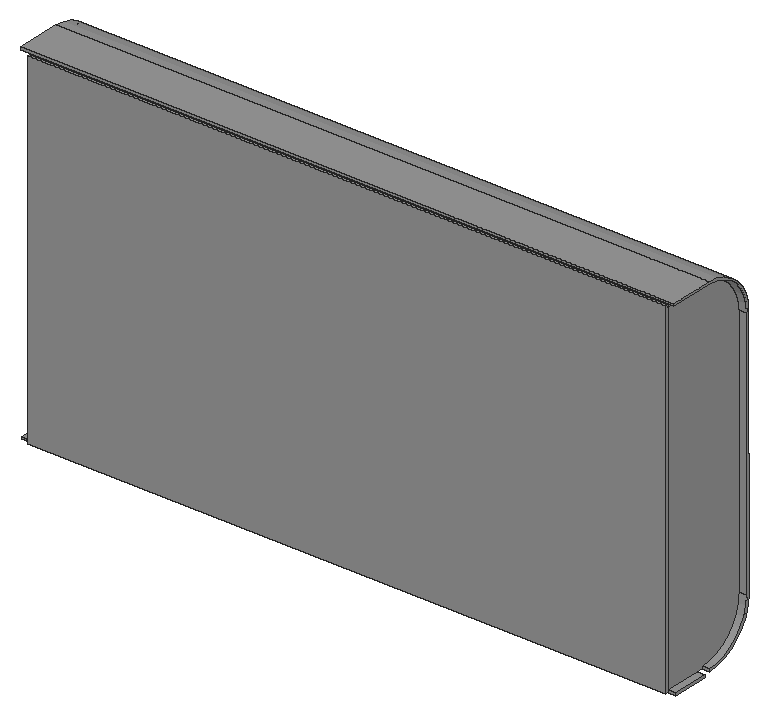
Revit family "3255 Björk_Baby change unit paper dispenser", category Furniture Systems, host Wall, Revit 2017
Family settings
  Host = Wall
  Round Connector Dimension = Use Diameter
  Part Type = Normal
  Always vertical = Yes
  Cut with Voids When Loaded = No
  Shared = No
  Room Calculation Point = No
Parameters (values of type "WHITE")
  Surface Front = BLACK
  Surface Back = BLACK
Reference planes
  plane 1 "Wall": y = 0
  plane 2 "Center (Left/Right)": x = 125
  plane 3 "Back": y = 75
Text (mm)
  text "Placement Side" at (-1848.837, 1116.779, 0), in view "Ref. Level"
  text "Placement side" at (0, 1409.804, 2854.306), in view "Left"
  text "Placement side" at (0, 499.811, 2980.732), in view "Right"
Dimensions and locks
  locked: plane 3 "Back" to host wall
  aligned and locked: plane 1 "Wall" to host wall
  aligned and locked: nested 1 to plane 3 "Back"
Nested families
  nested 1: "Master 3250 Baby change unit paper dispenser" at (125, 75, 1200) x (-1, 0, 0) z (0, 0, 1), type "Master 3250 Baby change unit paper dispenser"
Definition of nested family "Master 3250 Baby change unit paper dispenser"
  Parameters (values of type "Master 3250 Baby change unit paper dispenser")
    Surface Front = none
    Surface Back = none
    Model = "Björk Baby change unit dispenser - 3250"
    Manufacturer = "Dan Dryer"
    Description = "Baby change unit dispenser"
    Cost = 0
  Reference planes
    plane 1 "Center (Front/Back)": y = 0
    plane 2: z = 0
    plane 3 "Center (Left/Right)": x = 0
  Dimensions and locks
    aligned and locked: level to plane 2
    aligned and locked: level to nested 2
    aligned and locked: level to nested 1
    aligned and locked: plane 3 "Center (Left/Right)" to nested 2
    aligned and locked: nested 2 to nested 1
    aligned and locked: plane 1 "Center (Front/Back)" to nested 1
    aligned and locked: nested 2 to plane 1 "Center (Front/Back)"
  Nested families
    nested 1: "Bagplade Komponent" at (0, 0, -1.5), type "Bagplade Komponent"
    nested 2: "Forplade Komponent lukket" at (0, -13.483, 0), type "Forplade Komponent lukket"
  Definition of nested family "Bagplade Komponent"
    Parameters (values of type "Bagplade Komponent")
      Surface Back = none
      Materiale = none
    Reference planes
      plane 1 "Center (Front/Back)": y = 0
      plane 2: z = 0
      plane 3 "Center (Left/Right)": x = 0
    Forms (mm)
      Extrusion 1, solid, material <- "Surface Back"
        sketch origin (0, 0, 79) x (1, 0, 0) y (0, 0, 1)
          loop
            line (-200, -79) -> (200, -79) -> (200, 139) -> (-200, 139) -> (-200, -79)
        from 0 to 1.5
      Extrusion 2, solid, material <- "Surface Back"
        sketch origin (-200, 0, 188) x (0, 0, -1) y (0, -1, 0)
          loop
            line (186.5, 1.5) -> (186.5, 28)
            arc (186.5, 28) -> (178.006, 48.506) -> (157.5, 57) r 29
            line (157.5, 57) -> (-1, 57)
            arc (-1, 57) -> (-21.506, 48.506) -> (-30, 28) r 29
            line (-30, 28) -> (-30, 13.5) -> (-28.5, 13.5) -> (-28.5, 1.5) -> (186.5, 1.5)
        from 0 to -1.5
      Extrusion 3, solid, material <- "Surface Back"
        sketch origin (198.5, 0, 188) x (0, 0, -1) y (0, -1, 0)
          loop
            line (186.5, 1.5) -> (186.5, 28)
            arc (186.5, 28) -> (178.006, 48.506) -> (157.5, 57) r 29
            line (157.5, 57) -> (-1, 57)
            arc (-1, 57) -> (-21.506, 48.506) -> (-30, 28) r 29
            line (-30, 28) -> (-30, 13.5) -> (-28.5, 13.5) -> (-28.5, 1.5) -> (186.5, 1.5)
        from 0 to -1.5
      Extrusion 4, solid, material <- "Surface Back"
        sketch origin (200, 0, 218) x (-1, 0, 0) y (0, -1, 0)
          loop
            line (400, 1.5) -> (400, 13.5) -> (0, 13.5) -> (0, 1.5) -> (400, 1.5)
        from 0 to -1.5
      Extrusion 5, solid, material <- "Surface Back"
        sketch origin (-200, 0, 0) x (0, -1, 0) y (-1, 0, 0)
          loop
            line (1.5, 5) -> (1.5, -32) -> (24.5, -32) -> (24.5, 5) -> (1.5, 5)
        from 0 to -1.5
      Extrusion 6, solid, material <- "Surface Back"
        sketch origin (200, 0, 0) x (0, 1, 0) y (1, 0, 0)
          loop
            line (-1.5, 5) -> (-24.5, 5) -> (-24.5, -32) -> (-1.5, -32) -> (-1.5, 5)
        from 0 to -1.5
      Extrusion 7, solid, material <- "Surface Back"
        sketch origin (-200, 0, 0) x (0, -1, 0) y (-1, 0, 0)
          loop
            line (1.5, -61) -> (1.5, -339) -> (8.5, -339) -> (8.5, -61) -> (1.5, -61)
        from 0 to -1.5
    Dimensions and locks
      aligned and locked: level to plane 2
  Definition of nested family "Forplade Komponent lukket"
    Parameters (values of type "Forplade Komponent lukket")
      Surface Front = none
    Reference planes
      plane 1 "Center (Front/Back)": y = 0
      plane 2: z = 0
      plane 3 "Center (Left/Right)": x = 0
    Forms (mm)
      Extrusion 1, solid, material <- "Surface Front"
        sketch origin (0, 0, 79.75) x (0, 1, 0) y (0, 0, 1)
          loop
            arc (-14.5, -78.25) -> (-35.006, -69.756) -> (-43.5, -49.25) r 29
            line (-43.5, -49.25) -> (-43.5, 109.25)
            arc (-43.5, 109.25) -> (-35.006, 129.756) -> (-14.5, 138.25) r 29
            line (-14.5, 138.25) -> (13.483, 138.25) -> (13.483, 139.75) -> (-14.5, 139.75)
            arc (-14.5, 139.75) -> (-36.067, 130.817) -> (-45, 109.25) r 30.5
            line (-45, 109.25) -> (-45, -49.25)
            arc (-45, -49.25) -> (-36.067, -70.817) -> (-14.5, -79.75) r 30.5
            line (-14.5, -79.75) -> (-14.5, -78.25)
        from -205 to 205
      Extrusion 2, void
        sketch origin (0, 0, 79.75) x (1, 0, 0) y (0, 0, 1)
          loop
            line (-165, -8.116) -> (164.987, -8.116)
            arc (164.987, -8.116) -> (174.987, 1.884) -> (164.987, 11.884) r 10
            line (164.987, 11.884) -> (-165, 11.884)
            arc (-165, 11.884) -> (-175, 1.884) -> (-165, -8.116) r 10
        from 31.755 to 69.02
      Extrusion 3, solid
        sketch origin (0, -45, -42) x (0, 0, 1) y (-1, 0, 0)
          loop
            circle (214.218, 0) r 15
        from 0 to 20
    Cuts and joins
      Extrusion 2 cuts Extrusion 1
    Lines and regions (mm)
      model lines
        curve 1: line (0, -11, -58.5) -> (0, -11, -60)
    Dimensions and locks
      aligned and locked: level to plane 2
